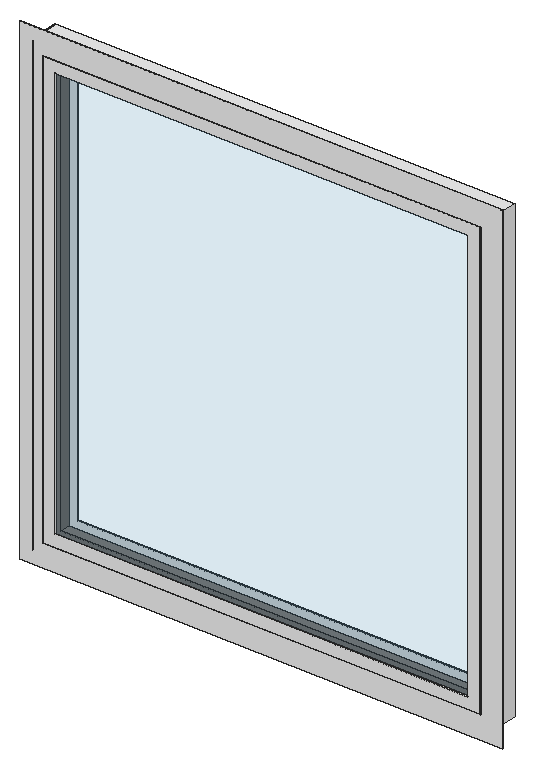
Revit family "Casement_30.5_D_Top_Hung_Custom", category Windows, host Wall, Revit 2014
Parameters (values of type "Casement_Sash_DG")
  Width Sash [instance] = 30 mm
  Width Sash Inner = 15 mm
  Width Bead = 15 mm
  Top Hung [instance] = yes
  Side Hung Right [instance] = yes
  Side Hung Left [instance] = yes
  Sash Opening Width [instance] = 600 mm
  Sash Opening Height [instance] = 600.312 mm
  Sash Lip = 15 mm
  Glazing Material [instance] = Glass
  DG Start Piece 2 [instance] = DG End Piece 1 + DG Gasket Thickness  # 25 mm
  DG Start Peice 1 [instance] = (Depth Sash - (2 * DG Glazing Thickness) - DG Gasket Thickness) / 2  # 6.6 mm
  Glazing Offset = 5 mm
  DG Glazing Thickness [instance] = 6.4 mm
  DG Gasket Thickness = 12 mm  # constant formula
  DG Gasket Material [instance] = Double Glazing Gasket Material
  DG End Piece 2 [instance] = DG Start Piece 2 + DG Glazing Thickness  # 31.4 mm
  DG End Piece 1 [instance] = DG Start Peice 1 + DG Glazing Thickness  # 13 mm
  Depth Sash [instance] = 38 mm
  Center Vertical Sash [instance] = Sash Opening Height / 2  # 300.156 mm
  Center Horizontal Sash [instance] = Sash Opening Width / 2  # 300 mm
  Bottom Hung [instance] = yes
  Bead Offset = 15 mm
  Aluminium Thickness = 1 mm
  Aluminium Material [instance] = White Powder Coated Aluminium
Reference planes
  plane 1 "Center (Front/Back)": y = 0
  plane 2: z = 0
  plane 3 "Center (Left/Right)": x = 0
Forms (mm)
  Sweep 1, solid, material "White Powder Coated Aluminium" <- "Aluminium Material"
    path origin (16.177, 0, 121.331) x (1, 0, 0) y (0, 0, 1)
      loop
        line (0, 0) -> (600, 0) -> (600, 600.312) -> (0, 600.312) -> (0, 0)
    profile origin (316.177, 0, 121.331) x (0, 0, 1) y (0, -1, 0)
      loop
        line (0, 0) -> (30, 0) -> (30, 1) -> (15, 1) -> (15, 38) -> (-15, 38) -> (-15, 37) -> (0, 37) -> (0, 0)
      loop
        line (14, 1) -> (14, 37) -> (1, 37) -> (1, 1) -> (14, 1)
  Sweep 2, solid, material "White Powder Coated Aluminium" <- "Aluminium Material"
    path origin (0, 0, 0) x (1, 0, 0) y (0, 0, 1)
      loop
        line (31.177, 706.643) -> (31.177, 136.331) -> (601.177, 136.331) -> (601.177, 706.643) -> (31.177, 706.643)
    profile origin (316.177, 0, 706.643) x (0, 0, 1) y (0, -1, 0)
      loop
        line (0, 37) -> (0, 38) -> (-15, 38) -> (-15, 37) -> (0, 37)
  Extrusion 3, solid, material "Glass" <- "Glazing Material"
    sketch origin (0, 0, 0) x (1, 0, 0) y (0, 0, 1)
      loop
        line (36.177, 701.643) -> (36.177, 141.331) -> (596.177, 141.331) -> (596.177, 701.643) -> (36.177, 701.643)
    from 6.6 <- "DG Start Peice 1" to 13 <- "DG End Piece 1"
  Extrusion 4, solid, material "Glass" <- "Glazing Material"
    sketch origin (0, 0, 0) x (1, 0, 0) y (0, 0, 1)
      loop
        line (36.177, 701.643) -> (36.177, 141.331) -> (596.177, 141.331) -> (596.177, 701.643) -> (36.177, 701.643)
    from 31.4 <- "DG End Piece 2" to 25 <- "DG Start Piece 2"
  Sweep 5, solid, material "Double Glazing Gasket Material" <- "DG Gasket Material"
    path origin (0, -13, 0) x (1, 0, 0) y (0, 0, 1)
      loop
        line (36.177, 701.643) -> (36.177, 141.331) -> (596.177, 141.331) -> (596.177, 701.643) -> (36.177, 701.643)
    profile origin (316.177, -13, 701.643) x (0, 0, 1) y (0, -1, 0)
      loop
        line (0, 0) -> (0, 12) -> (-7.96, 12) -> (-7.96, 0) -> (0, 0)
Lines and regions (mm)
  model lines
    curve 1: line (1.177, -38, 736.643) -> (31.177, -38, 706.643)
    curve 2: line (601.177, -38, 706.643) -> (631.177, -38, 736.643)
    curve 3: line (601.177, -38, 136.331) -> (631.177, -38, 106.331)
    curve 4: line (1.177, -38, 106.331) -> (31.177, -38, 136.331)
    curve 5: line (631.177, -37, 736.643) -> (616.177, -37, 721.643)
    curve 6: line (1.177, -37, 736.643) -> (16.177, -37, 721.643)
    curve 7: line (1.177, -37, 106.331) -> (16.177, -37, 121.331)
    curve 8: line (631.177, -37, 106.331) -> (616.177, -37, 121.331)
    curve 9: line (616.177, 0, 121.331) -> (586.177, 0, 151.331)
    curve 10: line (46.177, 0, 151.331) -> (16.177, 0, 121.331)
    curve 11: line (616.177, 0, 721.643) -> (586.177, 0, 691.643)
    curve 12: line (46.177, 0, 691.643) -> (16.177, 0, 721.643)
    curve 13: line (31.177, -38, 691.643) -> (46.177, -38, 691.643)
    curve 14: line (586.177, -38, 691.643) -> (601.177, -38, 691.643)
    curve 15: line (586.177, -38, 151.331) -> (601.177, -38, 151.331)
    curve 16: line (31.177, -38, 151.331) -> (46.177, -38, 151.331)
  model lines, style "GenericModelHiddenLines", visible <- "Top Hung"
    curve 17: line (46.386, -31.4, 690.914) -> (316.177, -31.4, 151.331)
    curve 18: line (316.177, -31.4, 151.331) -> (586.177, -31.4, 691.331)
  model lines, style "GenericModelHiddenLines", visible <- "Bottom Hung"
    curve 19: line (46.177, -31.4, 151.331) -> (316.177, -31.4, 691.331)
    curve 20: line (316.177, -31.4, 691.331) -> (586.177, -31.4, 151.331)
  model lines, style "GenericModelHiddenLines", visible <- "Side Hung Left"
    curve 21: line (46.386, -31.4, 690.914) -> (585.24, -31.4, 421.487)
    curve 22: line (585.24, -31.4, 421.487) -> (46.177, -31.4, 151.331)
  model lines, style "GenericModelHiddenLines", visible <- "Side Hung Right"
    curve 23: line (586.177, -31.4, 691.331) -> (46.177, -31.4, 421.487)
    curve 24: line (46.177, -31.4, 421.487) -> (586.177, -31.4, 151.331)
Dimensions and locks
  "Aluminium Thickness": Sweep 1 sketch curve to Sweep 1 sketch curve  (x4)
  "Depth Sash": Sweep 1 sketch curve to Sweep 1 sketch curve
  "Sash Opening Width": Sweep 1 to Sweep 1
  "Sash Opening Height": Sweep 1 to Sweep 1
  "Width Sash": Sweep 1 sketch curve to Sweep 1 sketch curve  (x2)
  "Width Sash Inner": Sweep 1 sketch curve to Sweep 1 sketch curve
  "Sash Lip": Sweep 1 sketch curve to Sweep 1 sketch curve
  "Aluminium Thickness": Sweep 1 to Sweep 2 sketch curve
  "Glazing Offset": Sweep 2 to Extrusion 3 sketch curve  (x3)
  "Glazing Offset": Extrusion 3 sketch curve to Sweep 2
  Sweep 1 to Sweep 1 = 1 mm
  "Aluminium Thickness": Sweep 2 sketch curve to Sweep 2 sketch curve
  "Width Bead": Sweep 2 sketch curve to Sweep 2 sketch curve
  locked: Sweep 5 sketch curve to Sweep 5 sketch curve at 7.96
  "Center Horizontal Sash": Sweep 1 to curve 18
  "Center Horizontal Sash": Sweep 1 to curve 20
  "Center Vertical Sash": Sweep 1 to curve 22
  "Center Vertical Sash": Sweep 1 to curve 24
  aligned and locked: level to plane 2
  aligned and locked: Sweep 1 sketch curve to Sweep 1 sketch curve  (x2)
  aligned and locked: Sweep 2 sketch curve to Sweep 1  (x5)
  aligned and locked: Extrusion 4 sketch curve to Extrusion 3  (x4)
  aligned and locked: Sweep 5 sketch curve to Extrusion 3  (x5)
  aligned and locked: Extrusion 3 to Sweep 5 sketch curve
Automatic sketch dimensions
  plane 3 "Center (Left/Right)" to Sweep 1 sketch curve = 16.177 mm
  level to Sweep 1 sketch curve = 121.331 mm
  plane 3 "Center (Left/Right)" to Sweep 1 sketch curve = 616.177 mm
  level to Sweep 1 sketch curve = 721.643 mm
  profile plane to Sweep 5 sketch curve = 12 mm
  curve 7 to Sweep 1 = 0 mm  (x4)
  curve 6 to Sweep 1 = 0 mm  (x3)
  Sweep 1 to curve 6 = 0 mm
  curve 5 to Sweep 1 = 0 mm  (x3)
  curve 8 to Sweep 1 = 0 mm  (x4)
  Sweep 1 to curve 5 = 0 mm
  curve 16 to Sweep 2 = 0 mm  (x3)
  curve 13 to Sweep 2 = 0 mm  (x3)
  curve 15 to Sweep 2 = 0 mm
  Sweep 2 to curve 15 = 0 mm  (x2)
  curve 14 to Sweep 2 = 0 mm  (x2)
  Sweep 2 to curve 14 = 0 mm
  curve 1 to Sweep 1 = 0 mm  (x4)
  curve 4 to Sweep 1 = 0 mm  (x3)
  Sweep 1 to curve 4 = 0 mm
  curve 3 to Sweep 1 = 0 mm  (x3)
  curve 2 to Sweep 1 = 0 mm  (x4)
  Sweep 1 to curve 3 = 0 mm
  curve 10 to Sweep 1 = 0 mm  (x4)
  curve 12 to Sweep 1 = 0 mm  (x3)
  Sweep 1 to curve 12 = 0 mm
  curve 9 to Sweep 1 = 0 mm  (x4)
  curve 11 to Sweep 1 = 0 mm  (x3)
  Sweep 1 to curve 11 = 0 mm
  Sweep 1 sketch curve to plane 1 "Center (Front/Back)" = 0 mm
  profile plane to Sweep 1 sketch curve = 0 mm
  curve 21 to Extrusion 4 = 10.208 mm
  curve 19 to Extrusion 4 = 10 mm
  curve 23 to Extrusion 4 = 10 mm  (x2)
  curve 22 to Extrusion 4 = 10.937 mm
  curve 20 to Extrusion 4 = 10 mm
  curve 24 to Extrusion 4 = 10 mm
  curve 22 to Extrusion 4 = 10 mm
  curve 18 to Extrusion 4 = 10 mm
  curve 21 to Extrusion 4 = 10.729 mm
  curve 19 to Extrusion 4 = 10.312 mm
  curve 18 to Extrusion 4 = 10.312 mm
